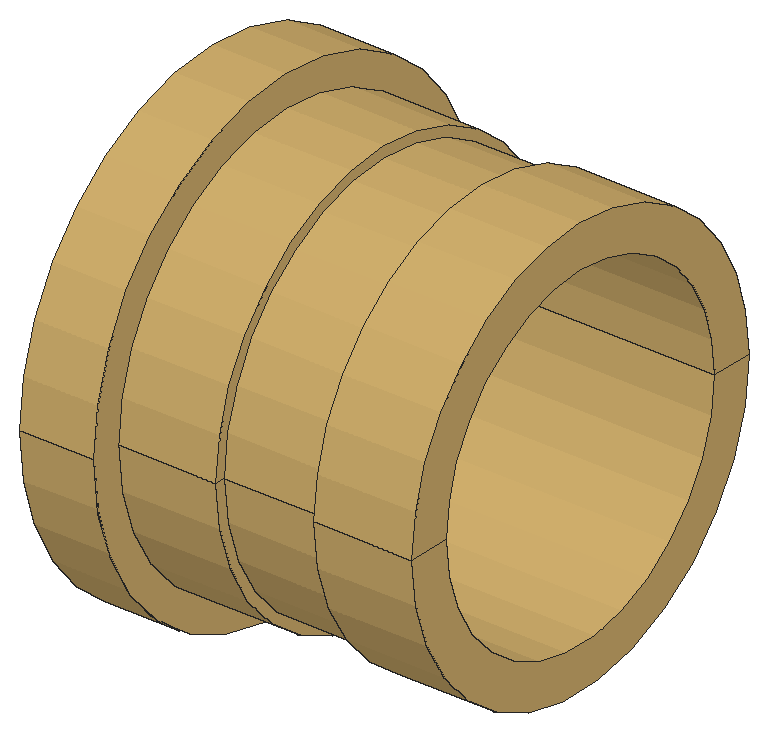
Revit family "UPEX_Cap", category Pipe Fittings, Revit 2025
Family settings
  Round Connector Dimension = Use Radius
  Part Type = Cap
  OmniClass Number = 23.60.30.11.14
  OmniClass Title = Pipework Fittings
  Work Plane-Based = No
  Always vertical = Yes
  Cut with Voids When Loaded = No
  Shared = No
Parameters
  URL = "https://www.ultrapex.com.br/_files/ugd/9f3173_32d47a29bbff48b5af4781a5d529eee8.pdf"
  ULTRAPEX: Versão = "00"  # constant formula
  ULTRAPEX: Norma Técnica = "NBR 15939"  # constant formula
  ULTRAPEX: Descrição [instance] = if(Diâmetro Nominal = 16.0 mm, "Cap Terminal 16 mm - ULTRAPEX", if(Diâmetro Nominal = 20.0 mm, "Cap Terminal 20 mm - ULTRAPEX", if(Diâmetro Nominal = 25.0 mm, "Cap Terminal 25 mm - ULTRAPEX", "Produtor Inexistente")))  # "Cap Terminal 16 mm - ULTRAPEX"
  ULTRAPEX: Código [instance] = if(Diâmetro Nominal = 16.0 mm, 9211616, if(Diâmetro Nominal = 20.0 mm, 9212020, if(Diâmetro Nominal = 25.0 mm, 9212525, 0)))  # 9211616
  Type Image = Cap Terminal.jpg
  Raio Nominal [instance] = 8 mm
  Material = Latão - Ultrapex
  IfcExportAs = "IfcPipeFittingType.CONNECTOR"  # constant formula
  Manufacturer = "UltraPEX"  # constant formula
  Espessura = 3.5 mm
  Default Elevation = 0.0 mm
  Diâmetro Nominal [instance] = Raio Nominal * 2  # 16 mm
  Diâmetro Externo [instance] = if(Diâmetro Nominal = 16.0 mm, 22.9 mm, if(Diâmetro Nominal = 20.0 mm, 25.0 mm, if(Diâmetro Nominal = 25.0 mm, 29.0 mm, 22.9 mm)))  # 22.9 mm
  Description = "Cap Terminal - ULTRAPEX"
  Alerta [instance] = if(ULTRAPEX: Código = 0, 1 = 1, 1 = 0)  # no
Reference planes
  plane 1 "Centro (Frente/Trás)": y = 0
  plane 2: z = 0
  plane 3 "Centro (Esquerda/Direita)": x = 0
  plane 4: x = 3.5
Forms (mm)
  Extrusion 1, solid, material "Latão - Ultrapex" <- "Material", detail levels fine
    sketch origin (0, 0, 0) x (0, 1, 0) y (0, 0, 1)
      loop
        circle (0, 0) r 11.45
    from 0 to 3.5
Lines and regions (mm)
  model lines, detail levels coarse+medium
    curve 1: line (0, 0, 0) -> (3.5, 0, 0)
Dimensions and locks
  "Espessura": plane 3 "Centro (Esquerda/Direita)" to plane 4
  plane 3 "Centro (Esquerda/Direita)" to nested 1 = 17.5 mm
  "Diâmetro Externo": diameter of Extrusion 1 sketch curve
  aligned and locked: plane 2 to level
  aligned and locked: plane 4 to nested 1
  aligned and locked: plane 1 "Centro (Frente/Trás)" to nested 1
  aligned and locked: Extrusion 1 to plane 4
  aligned and locked: plane 4 to curve 1
  aligned and locked: plane 3 "Centro (Esquerda/Direita)" to curve 1
  aligned and locked: plane 1 "Centro (Frente/Trás)" to curve 1
Automatic sketch dimensions
  Extrusion 1 sketch curve to level = 0.0 mm
  Extrusion 1 sketch curve to plane 1 "Centro (Frente/Trás)" = 0.0 mm
Nested families
  nested 1: "Anel Deslizante - ULTRAPEX" at (3.5, 0, 0) x (0, -1, 0) z (0, 0, 1), Diâmetro Nominal <- "Diâmetro Nominal", type "Anel Deslizante - ULTRAPEX"
    with ULTRAPEX: Descrição "Anel Deslizante 16 mm - ULTRAPEX", ULTRAPEX: Código 9040016, Diâmetro Nominal 16 mm, DN 16.0 mm, Cota C 4.667 mm, Cota B 14.0 mm, Cota A 20.0 mm
Connectors
  piping at (3.5, 0, 0), diameter 16, driven by "Raio Nominal"
    settings: on Extrusion 1, index 1, connector inside diameter 609.6 mm, connector length 0.0 mm, flow factor 0, pipe flow 0.0 L/s, pressure drop 0.0 Pa, fitting loss kfactor 0, connector angle 0.00°, fixture units 0, engagement length 0.0 mm, angle of deflection 0.00°, flow configuration 0, flow direction 0, fitting loss method 0, system type 28, joint type 0, gender type 0, connector reference index -1, connector utility 0, adjustable connector no, is connector primary yes, connector description ""
Definition of nested family "Anel Deslizante - ULTRAPEX"
  Parameters (values of type "ANEL DESLIZANTE 16mm")
    URL = "https://www.ultrapex.com.br/_files/ugd/9f3173_32d47a29bbff48b5af4781a5d529eee8.pdf"
    ULTRAPEX: Versão = "00"  # constant formula
    ULTRAPEX: Norma Técnica = "NBR 15939"  # constant formula
    ULTRAPEX: Descrição [instance] = size_lookup(LookupTable, "DES", "Produto Inexistente", Diâmetro Nominal)  # "Anel Deslizante 16 mm - ULTRAPEX"
    ULTRAPEX: Código [instance] = size_lookup(LookupTable, "COD", 0, Diâmetro Nominal)  # 9040016
    Type Image = element 281508
    Material = none
    LookupTable = "Anel Deslizante - ULTRAPEX"  # constant formula
    IfcExportAs = "IfcPipeFittingType.CONNECTOR"  # constant formula
    Manufacturer = "UltraPEX"  # constant formula
    Default Elevation = 0.0 mm
    Diâmetro Nominal [instance] = 16 mm
    Description = "Anel Deslizante - ULTRAPEX"
    DN [instance] = size_lookup(LookupTable, "DN", 16.0 mm, Diâmetro Nominal)  # 16.0 mm
    Cota C [instance] = Cota B / 3  # 4.667 mm
    Cota B [instance] = size_lookup(LookupTable, "B", 14.0 mm, Diâmetro Nominal)  # 14.0 mm
    Cota A [instance] = size_lookup(LookupTable, "A", 20.0 mm, Diâmetro Nominal)  # 20.0 mm
  Reference planes
    plane 1 "Centro (Frente/Trás)": y = 0
    plane 2: z = 0
    plane 3 "Centro (Esquerda/Direita)": x = 0
    plane 4: x = 8
    plane 5: x = -8
    plane 6: x = -10
    plane 7: x = 10
    plane 8: y = 14
  Forms (mm)
    Revolve 1, solid, material <- "Material", detail levels fine
      sketch origin (0, 0, 0) x (1, 0, 0) y (0, 1, 0)
        loop
          line (10, 0) -> (10, 14) -> (8, 14) -> (8, 0) -> (10, 0)
        axis (0, 0) -> (0, 14)
      angle from 0 to 360
    Revolve 2, void
      sketch origin (0, 0, 0) x (1, 0, 0) y (0, 1, 0)
        loop
          line (-10.952, 9.333) -> (-10.952, 4.667) -> (-9.524, 4.667) -> (-9.524, 9.333) -> (-10.952, 9.333)
        axis (0, 4.667) -> (0, 9.333)
      angle from 0 to 360
  Cuts and joins
    Revolve 2 cuts Revolve 1
  Lines and regions (mm)
    model lines, detail levels coarse+medium
      curve 1: line (0, 0, 0) -> (0, 14, 0)
  Dimensions and locks
    "DN": plane 5 to plane 4
    "Cota A": plane 6 to plane 7
    equal spacing: plane 6, plane 3 "Centro (Esquerda/Direita)", plane 7
    equal spacing: plane 5, plane 3 "Centro (Esquerda/Direita)", plane 4
    "Cota B": plane 1 "Centro (Frente/Trás)" to plane 8
    "Cota C": Revolve 2 sketch curve to plane 8
    "Cota C": plane 1 "Centro (Frente/Trás)" to Revolve 2 sketch curve
    locked: plane 6 to Revolve 2 sketch curve at 0.476
    locked: Revolve 2 sketch curve to Revolve 2 sketch curve at 1.428
    aligned and locked: level to plane 2
    aligned and locked: plane 3 "Centro (Esquerda/Direita)" to Revolve 1 sketch curve
    aligned and locked: Revolve 1 sketch curve to plane 7
    aligned and locked: plane 4 to Revolve 1 sketch curve
    aligned and locked: plane 1 "Centro (Frente/Trás)" to Revolve 1 sketch curve
    aligned and locked: plane 8 to Revolve 1 sketch curve
    aligned and locked: plane 8 to curve 1
    aligned and locked: plane 1 "Centro (Frente/Trás)" to curve 1
  Automatic sketch dimensions
    plane 1 "Centro (Frente/Trás)" to Revolve 1 sketch curve = 0.0 mm
    Revolve 1 sketch curve to Revolve 1 sketch curve = 0.0 mm
    curve 1 to plane 3 "Centro (Esquerda/Direita)" = 0.0 mm
    Revolve 2 sketch curve to plane 3 "Centro (Esquerda/Direita)" = 0.0 mm
    plane 1 "Centro (Frente/Trás)" to Revolve 2 sketch curve = 0.0 mm
    plane 8 to Revolve 2 sketch curve = 2.253 mm
